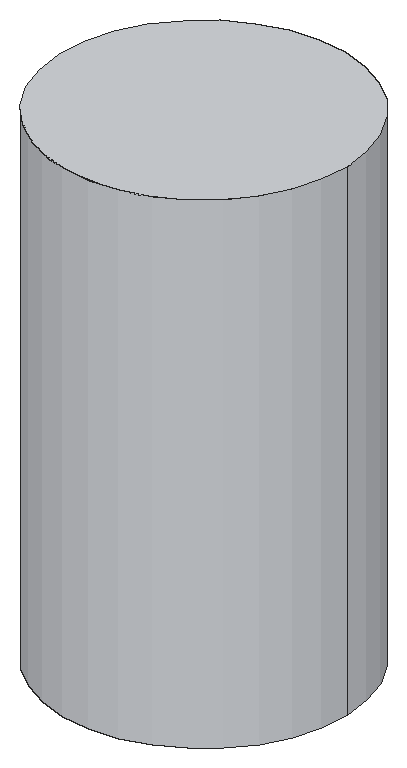
Revit family "Контейнер для РАО настольный", category Оборудование, Revit 2017
Family settings
  Размер круглого соединителя = Использовать диаметр
  Тип детали = Нормальный
  На основе рабочей плоскости = Нет
  Всегда вертикально = Да
  При загрузке вырезать с полостями = Нет
  Общий = Нет
  Точка расчета площади = Нет
Parameters (values of type "Тип")
  Общ_Ширина = 190.0 mm
  Общ_Тип, марка = ""
  Общ_Примечание КР [instance] = ""
  Общ_Примечание АР [instance] = ""
  Общ_Примечание = ""
  Общ_Поставщик = "Comecer"
  Общ_Позиция = ""
  Общ_Наименование = "Контейнер для ТРАО защитный. Св. экв. 10 мм; габариты внутреннего пространства 150х230 мм"
  Общ_Масса = ""
  Общ_Код продукции = ""
  Общ_Единицы измерения = "шт."
  Общ_Глубина = 190.0 mm
  Общ_Высота = 325.0 mm
  Keynote = ""
  Model = ""
Reference planes
  plane 1 "По центру (Вперед/Назад)": y = 0
  plane 2: z = 0
  plane 3 "По центру (Влево/Вправо)": x = 0
Forms (mm)
  Extrusion 1, solid
    sketch origin (0, 0, 0) x (1, 0, 0) y (0, 1, 0)
      loop
        circle (0, 0) r 95
    from 0 to 325
Dimensions and locks
  aligned and locked: level to plane 2
